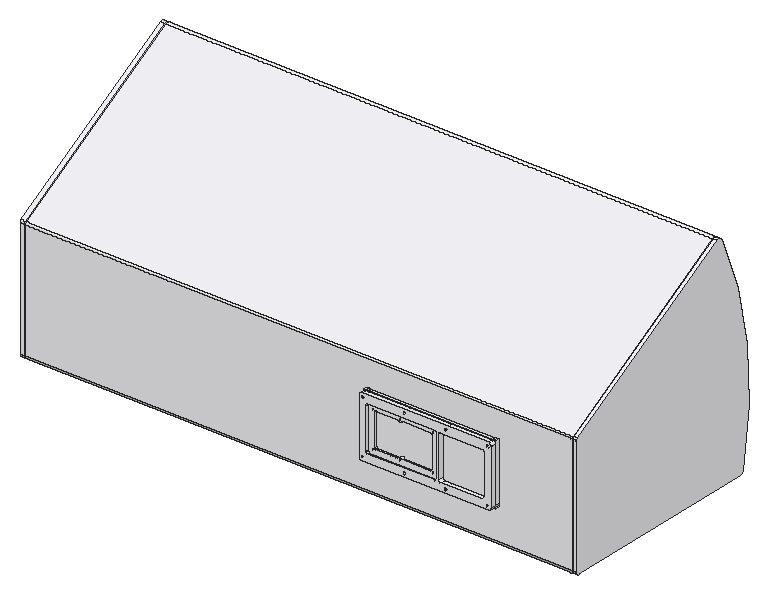
Revit family "EVU-2082", category Communication Devices, Revit 2017
Family settings
  Maintain Annotation Orientation = Yes
  Round Connector Dimension = Use Diameter
  Part Type = Normal
  OmniClass Number = 23.85.10.11.11.21
  OmniClass Title = Speakers
  Work Plane-Based = Yes
  Always vertical = Yes
  Cut with Voids When Loaded = No
  Shared = No
  Room Calculation Point = No
Parameters (values of type "EVU2082/95Wht_Single_8_Inch_Two_Way_White")
  Version = "1"
  Uniclass2015Code = "Pr_60_75_08_02"
  URL = ""
  ProductInformation = "https://www.electrovoice.com/binary/EVU-1082-95.pdf"
  PlanningTools = "http://www.electrovoice.com/product.php?id=1125"
  ModelNumber = "F.01U.216.256"
  Model = ""
  MaterialRALColour = "RAL9010"
  ManufacturerURL = "https://www.electrovoice.com"
  Manufacturer = "Electro Voice"
  LoudspeakerMaterial = 13-plyWeather-resistantBirchEVCoat -RAL9010
  Default Elevation = 0.00 mm
  CTN = "EVU2082/95WHT"
  BackHeight = 134.42 mm  # constant formula
  FrontHeight = 247.23 mm  # constant formula
  InstallationManual = "https://www.electrovoice.com/binary/EVU-1082-95.pdf"
  IfcExportType = "IfcBuildingElementProxyType"
  IfcExportAs = "IfcBuildingElementProxy"
  Length = 615.47 mm  # constant formula
  GrillMaterial = 16GA Powder-coatedGalvanneal - W
  Disclaimer = "http://resource.boschsecurity.com/information/BIM/Disclaimer_Electrovoice.pdf"
  Description = "1.3\" (33mm) diaphgram, 1.4\" (36mm) exit pure titanium compression driver. 8\" (203mm) LF transducer. Advanced third-order crossover network with HF protection. Coverage pattern: 90° x 50° Constant Directivity rotatable waveguide. 92 dB sensitivity, 120 dB maximum SPL. System raiting: 175 W continuous, 700 W peak. Universal U-bracket included."
  Depth = 237.21 mm  # constant formula
  ArchitectsAndEngineersSpecs = "https://www.electrovoice.com/binary/EVU-1082-95.pdf"
Reference planes
  plane 1 "Center (Front/Back)": y = 0
  plane 2: z = 0
  plane 3 "Center (Left/Right)": x = 0
Forms (mm)
  Extrusion 1, solid, material "13-plyWeather-resistantBirchEVCoat -RAL9010" <- "LoudspeakerMaterial"
    sketch origin (-302.735, 0, 1.386) x (0, 1, 0) y (0, 0, 1)
      loop
        line (223.44, -66.22) -> (6.35, -66.22) -> (6.35, 58.38) -> (195.221, 167.425) -> (199.95, 172.274)
        arc (199.95, 172.274) -> (197.41, 174.469) -> (194.075, 174.095) r 4.19
        line (194.075, 174.095) -> (1.27, 62.779)
        arc (1.27, 62.779) -> (0.34, 61.85) -> (0, 60.58) r 2.54
        line (0, 60.58) -> (0, -70.03)
        arc (0, -70.03) -> (0.744, -71.826) -> (2.54, -72.57) r 2.54
        line (2.54, -72.57) -> (225.203, -72.57)
        arc (225.203, -72.57) -> (227.849, -71.629) -> (229.306, -69.229) r 4.19
        line (229.306, -69.229) -> (223.44, -66.22)
    from 0 to 605.47
  Extrusion 2, solid, material "16GA Powder-coatedGalvanneal - W" <- "GrillMaterial"
    sketch origin (-302.735, 0, 1.386) x (0, 1, 0) y (0, 0, 1)
      loop
        line (197.717, 169.984) -> (196.591, 168.858)
        arc (196.591, 168.858) -> (229.978, 53.193) -> (225.15, -67.097) r 376.5
        line (225.15, -67.097) -> (226.536, -67.808)
        arc (226.536, -67.808) -> (231.46, 53.431) -> (197.717, 169.984) r 378
    from 0 to 605.47
  Extrusion 3, solid, material "13-plyWeather-resistantBirchEVCoat -RAL9010" <- "LoudspeakerMaterial"
    sketch origin (-302.735, 0, 1.386) x (0, 1, 0) y (0, 0, -1)
      loop
        arc (0, -60.58) -> (0.34, -61.85) -> (1.27, -62.779) r 2.54
        line (1.27, -62.779) -> (194.075, -174.095)
        arc (194.075, -174.095) -> (197.41, -174.469) -> (199.95, -172.274) r 4.19
        arc (199.95, -172.274) -> (234.422, -53.929) -> (229.306, 69.229) r 381
        arc (229.306, 69.229) -> (227.849, 71.629) -> (225.203, 72.57) r 4.19
        line (225.203, 72.57) -> (2.54, 72.57)
        arc (2.54, 72.57) -> (0.744, 71.826) -> (0, 70.03) r 2.54
        line (0, 70.03) -> (0, -60.58)
    from 0 to 5
  Extrusion 4, solid, material "13-plyWeather-resistantBirchEVCoat -RAL9010" <- "LoudspeakerMaterial"
    sketch origin (302.735, 0, 1.386) x (0, 1, 0) y (0, 0, 1)
      loop
        line (0, 60.58) -> (0, -70.03)
        arc (0, -70.03) -> (0.744, -71.826) -> (2.54, -72.57) r 2.54
        line (2.54, -72.57) -> (225.203, -72.57)
        arc (225.203, -72.57) -> (227.849, -71.629) -> (229.306, -69.229) r 4.19
        arc (229.306, -69.229) -> (234.422, 53.929) -> (199.95, 172.274) r 381
        arc (199.95, 172.274) -> (197.41, 174.469) -> (194.075, 174.095) r 4.19
        line (194.075, 174.095) -> (1.27, 62.779)
        arc (1.27, 62.779) -> (0.34, 61.85) -> (0, 60.58) r 2.54
    from 0 to 5
Lines and regions (mm)
  model lines, not visible
    curve 1: circle (185.72, 35.169, -45.832) r 3 normal (1, 0, 0)
    curve 2: circle (185.72, 35.169, -45.832) r 2.25 normal (1, 0, 0)
    curve 3: line (185.72, 34.284, -43.764) -> (185.72, 34.284, -47.901)
    curve 4: line (185.72, 36.054, -43.764) -> (185.72, 36.054, -47.901)
    curve 5: circle (185.72, 35.169, 10.418) r 3 normal (1, 0, 0)
    curve 6: circle (185.72, 35.169, 10.418) r 2.25 normal (1, 0, 0)
    curve 7: line (185.72, 34.284, 12.486) -> (185.72, 34.284, 8.349)
    curve 8: line (185.72, 36.054, 12.486) -> (185.72, 36.054, 8.349)
    curve 9: circle (185.72, 35.169, 60.418) r 3 normal (1, 0, 0)
    curve 10: circle (185.72, 35.169, 60.418) r 2.25 normal (1, 0, 0)
    curve 11: line (185.72, 34.284, 62.486) -> (185.72, 34.284, 58.349)
    curve 12: line (185.72, 36.054, 62.486) -> (185.72, 36.054, 58.349)
    curve 13: circle (185.72, 169.403, 137.918) r 3 normal (1, 0, 0)
    curve 14: circle (185.72, 169.403, 137.918) r 2.25 normal (1, 0, 0)
    curve 15: line (185.72, 168.518, 139.986) -> (185.72, 168.518, 135.849)
    curve 16: line (185.72, 170.288, 139.986) -> (185.72, 170.288, 135.849)
    curve 17: circle (185.72, 174.403, -47.082) r 3 normal (1, 0, 0)
    curve 18: circle (185.72, 174.403, -47.082) r 2.25 normal (1, 0, 0)
    curve 19: line (185.72, 173.518, -45.014) -> (185.72, 173.518, -49.151)
    curve 20: line (185.72, 175.288, -45.014) -> (185.72, 175.288, -49.151)
    curve 21: circle (185.72, 181.903, 45.418) r 3 normal (1, 0, 0)
    curve 22: circle (185.72, 181.903, 45.418) r 2.25 normal (1, 0, 0)
    curve 23: line (185.72, 181.018, 47.486) -> (185.72, 181.018, 43.349)
    curve 24: line (185.72, 182.788, 47.486) -> (185.72, 182.788, 43.349)
  reference lines
    curve 25: line (308.73, 237.21, 0) -> (308.98, 237.21, 0)
    curve 50: line (-103.185, 196.188, 176.046) -> (-103.185, 195.938, 176.046)
    curve 51: line (-103.185, 0.501, 63.236) -> (-103.185, 0.251, 63.236)
  model lines
    curve 26: circle (-307.735, 35.169, -44.446) r 3 normal (1, 0, 0)
    curve 27: circle (-307.735, 35.169, -44.446) r 2.25 normal (1, 0, 0)
    curve 28: line (-307.735, 34.284, -42.378) -> (-307.735, 34.284, -46.515)
    curve 29: line (-307.735, 36.054, -42.378) -> (-307.735, 36.054, -46.515)
    curve 30: circle (-307.735, 35.169, 11.804) r 3 normal (1, 0, 0)
    curve 31: circle (-307.735, 35.169, 11.804) r 2.25 normal (1, 0, 0)
    curve 32: line (-307.735, 34.284, 13.872) -> (-307.735, 34.284, 9.735)
    curve 33: line (-307.735, 36.054, 13.872) -> (-307.735, 36.054, 9.735)
    curve 34: circle (-307.735, 35.169, 61.804) r 3 normal (1, 0, 0)
    curve 35: circle (-307.735, 35.169, 61.804) r 2.25 normal (1, 0, 0)
    curve 36: line (-307.735, 34.284, 63.872) -> (-307.735, 34.284, 59.735)
    curve 37: line (-307.735, 36.054, 63.872) -> (-307.735, 36.054, 59.735)
    curve 38: circle (-307.735, 169.403, 139.304) r 3 normal (1, 0, 0)
    curve 39: circle (-307.735, 169.403, 139.304) r 2.25 normal (1, 0, 0)
    curve 40: line (-307.735, 168.518, 141.372) -> (-307.735, 168.518, 137.235)
    curve 41: line (-307.735, 170.288, 141.372) -> (-307.735, 170.288, 137.235)
    curve 42: circle (-307.735, 174.403, -45.696) r 3 normal (1, 0, 0)
    curve 43: circle (-307.735, 174.403, -45.696) r 2.25 normal (1, 0, 0)
    curve 44: line (-307.735, 173.518, -43.628) -> (-307.735, 173.518, -47.765)
    curve 45: line (-307.735, 175.288, -43.628) -> (-307.735, 175.288, -47.765)
    curve 46: circle (-307.735, 181.903, 46.804) r 3 normal (1, 0, 0)
    curve 47: circle (-307.735, 181.903, 46.804) r 2.25 normal (1, 0, 0)
    curve 48: line (-307.735, 181.018, 48.872) -> (-307.735, 181.018, 44.735)
    curve 49: line (-307.735, 182.788, 48.872) -> (-307.735, 182.788, 44.735)
    curve 52: circle (307.735, 35.169, -44.446) r 3 normal (1, 0, 0)
    curve 53: circle (307.735, 35.169, -44.446) r 2.25 normal (1, 0, 0)
    curve 54: line (307.735, 34.284, -42.378) -> (307.735, 34.284, -46.515)
    curve 55: line (307.735, 36.054, -42.378) -> (307.735, 36.054, -46.515)
    curve 56: circle (307.735, 35.169, 11.804) r 3 normal (1, 0, 0)
    curve 57: circle (307.735, 35.169, 11.804) r 2.25 normal (1, 0, 0)
    curve 58: line (307.735, 34.284, 13.872) -> (307.735, 34.284, 9.735)
    curve 59: line (307.735, 36.054, 13.872) -> (307.735, 36.054, 9.735)
    curve 60: circle (307.735, 35.169, 61.804) r 3 normal (1, 0, 0)
    curve 61: circle (307.735, 35.169, 61.804) r 2.25 normal (1, 0, 0)
    curve 62: line (307.735, 34.284, 63.872) -> (307.735, 34.284, 59.735)
    curve 63: line (307.735, 36.054, 63.872) -> (307.735, 36.054, 59.735)
    curve 64: circle (307.735, 169.403, 139.304) r 3 normal (1, 0, 0)
    curve 65: circle (307.735, 169.403, 139.304) r 2.25 normal (1, 0, 0)
    curve 66: line (307.735, 168.518, 141.372) -> (307.735, 168.518, 137.235)
    curve 67: line (307.735, 170.288, 141.372) -> (307.735, 170.288, 137.235)
    curve 68: circle (307.735, 174.403, -45.696) r 3 normal (1, 0, 0)
    curve 69: circle (307.735, 174.403, -45.696) r 2.25 normal (1, 0, 0)
    curve 70: line (307.735, 173.518, -43.628) -> (307.735, 173.518, -47.765)
    curve 71: line (307.735, 175.288, -43.628) -> (307.735, 175.288, -47.765)
    curve 72: circle (307.735, 181.903, 46.804) r 3 normal (1, 0, 0)
    curve 73: circle (307.735, 181.903, 46.804) r 2.25 normal (1, 0, 0)
    curve 74: line (307.735, 181.018, 48.872) -> (307.735, 181.018, 44.735)
    curve 75: line (307.735, 182.788, 48.872) -> (307.735, 182.788, 44.735)
Dimensions and locks
  "BackHeight": Extrusion 1 to curve 51
  "FrontHeight": Extrusion 1 to curve 50
  "Depth": plane 1 "Center (Front/Back)" to curve 25
  "Length": Extrusion 3 to Extrusion 4
  equal spacing: Extrusion 3, plane 3 "Center (Left/Right)", Extrusion 4
  aligned and locked: plane 2 to level
Automatic sketch dimensions
  plane 3 "Center (Left/Right)" to curve 25 = 308.73 mm
  curve 25 to curve 25 = 0.25 mm
  Extrusion 1 sketch curve to plane 1 "Center (Front/Back)" = 0.00 mm
  Extrusion 1 sketch curve to plane 1 "Center (Front/Back)" = 1.27 mm
  Extrusion 1 sketch curve to plane 1 "Center (Front/Back)" = 2.54 mm
  Extrusion 1 sketch curve to Extrusion 1 sketch curve = 2.54 mm
  Extrusion 1 sketch curve to Extrusion 1 sketch curve = 3.81 mm  (x2)
  Extrusion 1 sketch curve to plane 1 "Center (Front/Back)" = 194.075 mm
  Extrusion 1 sketch curve to Extrusion 1 sketch curve = 1.147 mm
  Extrusion 1 sketch curve to Extrusion 1 sketch curve = 0.948 mm
  Extrusion 1 sketch curve to Extrusion 1 sketch curve = 3.78 mm
  Extrusion 1 sketch curve to level = 64.834 mm
  Extrusion 1 sketch curve to Extrusion 1 sketch curve = 217.09 mm
  Extrusion 1 sketch curve to Extrusion 1 sketch curve = 1.763 mm
  Extrusion 1 sketch curve to level = 67.843 mm
  Extrusion 1 sketch curve to Extrusion 1 sketch curve = 4.103 mm
  level to Extrusion 1 sketch curve = 59.766 mm
  Extrusion 1 sketch curve to Extrusion 1 sketch curve = 2.20 mm
  level to Extrusion 1 sketch curve = 168.811 mm
  Extrusion 1 sketch curve to Extrusion 1 sketch curve = 3.042 mm
  Extrusion 1 sketch curve to Extrusion 1 sketch curve = 1.807 mm
  Extrusion 2 sketch curve to Extrusion 2 sketch curve = 0.00 mm  (x2)
  level to Extrusion 2 sketch curve = 9.34 mm
  plane 1 "Center (Front/Back)" to Extrusion 2 sketch curve = 143.794 mm
  Extrusion 2 sketch curve to plane 1 "Center (Front/Back)" = 196.591 mm
  Extrusion 2 sketch curve to Extrusion 2 sketch curve = 1.126 mm
  Extrusion 2 sketch curve to level = 65.711 mm
  Extrusion 2 sketch curve to plane 1 "Center (Front/Back)" = 225.15 mm
  Extrusion 2 sketch curve to level = 66.422 mm
  Extrusion 2 sketch curve to Extrusion 2 sketch curve = 1.386 mm
  Extrusion 3 sketch curve to plane 1 "Center (Front/Back)" = 0.00 mm
  level to Extrusion 3 sketch curve = 9.34 mm
  plane 1 "Center (Front/Back)" to Extrusion 3 sketch curve = 143.794 mm
  Extrusion 3 sketch curve to plane 1 "Center (Front/Back)" = 1.27 mm
  Extrusion 3 sketch curve to Extrusion 3 sketch curve = 2.54 mm  (x2)
  Extrusion 3 sketch curve to plane 1 "Center (Front/Back)" = 194.075 mm
  Extrusion 3 sketch curve to Extrusion 3 sketch curve = 2.095 mm
  Extrusion 3 sketch curve to level = 71.184 mm
  Extrusion 3 sketch curve to Extrusion 3 sketch curve = 222.663 mm
  level to Extrusion 3 sketch curve = 61.966 mm
  level to Extrusion 3 sketch curve = 171.853 mm
  Extrusion 3 sketch curve to Extrusion 3 sketch curve = 3.629 mm
  Extrusion 3 sketch curve to Extrusion 3 sketch curve = 4.19 mm
  Extrusion 3 sketch curve to Extrusion 3 sketch curve = 0.00 mm
  Extrusion 4 sketch curve to plane 1 "Center (Front/Back)" = 0.00 mm
  level to Extrusion 4 sketch curve = 9.34 mm
  plane 1 "Center (Front/Back)" to Extrusion 4 sketch curve = 143.794 mm
  Extrusion 4 sketch curve to plane 1 "Center (Front/Back)" = 1.27 mm
  Extrusion 4 sketch curve to Extrusion 4 sketch curve = 2.54 mm  (x2)
  Extrusion 4 sketch curve to plane 1 "Center (Front/Back)" = 194.075 mm
  Extrusion 4 sketch curve to Extrusion 4 sketch curve = 2.095 mm
  Extrusion 4 sketch curve to level = 71.184 mm
  Extrusion 4 sketch curve to Extrusion 4 sketch curve = 222.663 mm
  Extrusion 4 sketch curve to Extrusion 4 sketch curve = 4.19 mm
  level to Extrusion 4 sketch curve = 61.966 mm
  level to Extrusion 4 sketch curve = 171.853 mm
  Extrusion 4 sketch curve to Extrusion 4 sketch curve = 3.629 mm
  Extrusion 4 sketch curve to Extrusion 4 sketch curve = 0.00 mm
  curve 51 to plane 1 "Center (Front/Back)" = 0.251 mm
  curve 51 to plane 1 "Center (Front/Back)" = 0.501 mm
  level to curve 51 = 63.236 mm
  curve 50 to plane 1 "Center (Front/Back)" = 195.938 mm
  curve 50 to curve 50 = 0.25 mm
  level to curve 50 = 176.046 mm
Nested families
  nested 1: "InputPanel_small" at (148.235, 0, -33.614), LoudspeakerMaterial <- "LoudspeakerMaterial", type "InputPanel_small"
    with LoudspeakerMaterial 13-plyWeather-resistantBirchEVCoat -RAL9010
  nested 2: "EV-L.dwg" at (234.615, 234.227, 28.324), type "EV-L.dwg"
Connectors
  electrical at (121.019, -5, -0.023)
    settings: on nested 1, index 1, voltage 0 V, apparent load 0 VA, apparent load phase1 0 VA, apparent load phase2 0 VA, apparent load phase3 0 VA, power factor 1, load classification "Other", number of poles 1, system type 31, power factor state 1, is connector primary yes, connector utility no, sub classification motor no, connector description ""
Definition of nested family "InputPanel_small"
  Parameters (values of type "InputPanel_small")
    Material = ""
    LoudspeakerMaterial [instance] = none
    Default Elevation = 1219.20 mm
  Reference planes
    plane 1 "Center (Front/Back)": y = 0
    plane 2: z = 0
    plane 3 "Center (Left/Right)": x = 0
  Forms (mm)
    Extrusion 1, solid, material <- "LoudspeakerMaterial", not visible
      sketch origin (-97.521, -0.5, 198.121) x (-1, 0, 0) y (0, 0, -1)
        loop
          arc (-169.642, 198.043) -> (-170.257, 197.789) -> (-170.511, 197.174) r 0.869
          line (-170.511, 197.174) -> (-170.511, 131.84)
          arc (-170.511, 131.84) -> (-170.257, 131.226) -> (-169.642, 130.971) r 0.869
          line (-169.642, 130.971) -> (-25.396, 130.971)
          arc (-25.396, 130.971) -> (-24.782, 131.226) -> (-24.527, 131.84) r 0.869
          line (-24.527, 131.84) -> (-24.527, 197.174)
          arc (-24.527, 197.174) -> (-24.782, 197.789) -> (-25.396, 198.043) r 0.869
          line (-25.396, 198.043) -> (-169.642, 198.043)
      from 0 to -0.5
    Extrusion 2, solid, material <- "LoudspeakerMaterial", detail levels medium+fine
      sketch origin (1.214, 0, 125.108) x (-1, 0, 0) y (0, 0, -1)
        loop
          line (70.917, 125.031) -> (-68.488, 125.031)
          arc (-68.488, 125.031) -> (-70.813, 124.068) -> (-71.776, 121.743) r 3.288
          line (-71.776, 121.743) -> (-71.776, 61.229)
          arc (-71.776, 61.229) -> (-70.921, 59.026) -> (-68.815, 57.959) r 3.288
          line (-68.815, 57.959) -> (70.925, 57.959)
          arc (70.925, 57.959) -> (73.25, 58.922) -> (74.212, 61.247) r 3.288
          line (74.212, 61.247) -> (74.205, 121.743)
          arc (74.205, 121.743) -> (73.242, 124.068) -> (70.917, 125.031) r 3.288
        loop
          line (-16.102, 116.673) -> (-61.46, 116.673)
          arc (-61.46, 116.673) -> (-63.304, 115.909) -> (-64.067, 114.066) r 2.607
          line (-64.067, 114.066) -> (-64.067, 69.267)
          arc (-64.067, 69.267) -> (-63.304, 67.424) -> (-61.46, 66.66) r 2.607
          line (-61.46, 66.66) -> (-16.102, 66.658)
          arc (-16.102, 66.658) -> (-14.259, 67.424) -> (-13.495, 69.267) r 2.607
          line (-13.495, 69.267) -> (-13.495, 114.066)
          arc (-13.495, 114.066) -> (-14.259, 115.909) -> (-16.102, 116.673) r 2.607
        loop
          line (64.151, 116.673) -> (-8.801, 116.673)
          arc (-8.801, 116.673) -> (-10.645, 115.909) -> (-11.408, 114.066) r 2.607
          line (-11.408, 114.066) -> (-11.408, 69.267)
          arc (-11.408, 69.267) -> (-10.645, 67.424) -> (-8.801, 66.66) r 2.607
          line (-8.801, 66.66) -> (64.151, 66.658)
          arc (64.151, 66.658) -> (65.994, 67.424) -> (66.758, 69.267) r 2.607
          line (66.758, 69.267) -> (66.758, 114.066)
          arc (66.758, 114.066) -> (65.994, 115.909) -> (64.151, 116.673) r 2.607
        loop
          circle (-67.83, 121.068) r 1.368
        loop
          circle (-21.853, 121.068) r 1.368
        loop
          circle (24.255, 121.068) r 1.368
        loop
          circle (69.993, 121.068) r 1.368
        loop
          circle (-67.961, 61.771) r 1.368
        loop
          circle (-21.984, 61.771) r 1.368
        loop
          circle (24.124, 61.771) r 1.368
        loop
          circle (69.862, 61.771) r 1.368
      from 0 to 10
    Extrusion 3, solid, material <- "LoudspeakerMaterial", detail levels fine
      sketch origin (25.655, 0, 118.331) x (-1, 0, 0) y (0, 0, -1)
        loop
          arc (15.45, 109.952) -> (13.605, 109.187) -> (12.84, 107.342) r 2.61
          line (12.84, 107.342) -> (12.84, 62.493)
          arc (12.84, 62.493) -> (13.606, 60.646) -> (15.45, 59.881) r 2.61
          line (15.45, 59.881) -> (88.485, 59.883)
          arc (88.485, 59.883) -> (90.33, 60.647) -> (91.094, 62.493) r 2.61
          line (91.094, 62.493) -> (91.094, 107.342)
          arc (91.094, 107.342) -> (90.33, 109.187) -> (88.485, 109.952) r 2.61
          line (88.485, 109.952) -> (15.45, 109.952)
        loop
          line (53.049, 104.094) -> (20.673, 104.09)
          arc (20.673, 104.09) -> (20.25, 103.216) -> (19.475, 102.633) r 2.061
          line (19.475, 102.633) -> (19.479, 66.839)
          arc (19.479, 66.839) -> (20.255, 66.255) -> (20.677, 65.382) r 2.061
          line (20.677, 65.382) -> (53.053, 65.386)
          arc (53.053, 65.386) -> (55.067, 67.012) -> (57.082, 65.386) r 2.061
          line (57.082, 65.386) -> (82.875, 65.389)
          arc (82.875, 65.389) -> (83.297, 66.263) -> (84.073, 66.847) r 2.061
          line (84.073, 66.847) -> (84.068, 102.641)
          arc (84.068, 102.641) -> (83.293, 103.224) -> (82.87, 104.098) r 2.061
          line (82.87, 104.098) -> (57.077, 104.095)
          arc (57.077, 104.095) -> (55.063, 102.469) -> (53.049, 104.094) r 2.061
        loop
          circle (55.063, 104.529) r 0.832
        loop
          circle (55.063, 64.893) r 0.832
        loop
          circle (84.767, 104.529) r 0.832
        loop
          circle (84.767, 64.893) r 0.832
        loop
          circle (18.835, 104.529) r 0.832
        loop
          circle (18.835, 64.893) r 0.832
      from 7.5 to 5
    Extrusion 4, solid, material <- "LoudspeakerMaterial"
      sketch origin (1.214, 0, 125.108) x (-1, 0, 0) y (0, 0, -1)
        loop
          line (-71.776, 125.031) -> (-71.776, 57.959) -> (74.213, 57.959) -> (74.205, 125.031) -> (-71.776, 125.031)
      from 0 to 4.337
  Lines and regions (mm)
    model lines, not visible
      curve 1: arc (59.415, -9.5, 70.232) -> (59.756, -9.5, 68.636) -> (60.858, -9.5, 67.432) r 3.109
      curve 2: arc (59.414, -9.5, 82.845) -> (59.754, -9.5, 81.249) -> (60.857, -9.5, 80.045) r 3.109
      curve 3: arc (59.417, -9.5, 63.926) -> (59.752, -9.5, 62.34) -> (60.84, -9.5, 61.139) r 3.108
      curve 4: arc (59.415, -9.5, 76.539) -> (59.75, -9.5, 74.953) -> (60.838, -9.5, 73.752) r 3.108
      curve 5: arc (60.711, -9.5, 72.945) -> (59.72, -9.5, 71.753) -> (59.414, -9.5, 70.232) r 3.166
      curve 6: arc (60.71, -9.5, 85.557) -> (59.718, -9.5, 84.365) -> (59.412, -9.5, 82.845) r 3.166
      curve 7: arc (60.712, -9.5, 66.637) -> (59.721, -9.5, 65.445) -> (59.415, -9.5, 63.926) r 3.165
      curve 8: arc (60.71, -9.5, 79.25) -> (59.72, -9.5, 78.058) -> (59.414, -9.5, 76.539) r 3.165
      curve 9: arc (59.062, -9.5, 76.539) -> (58.721, -9.5, 78.135) -> (57.618, -9.5, 79.339) r 3.109
      curve 10: arc (59.063, -9.5, 63.926) -> (58.723, -9.5, 65.522) -> (57.62, -9.5, 66.726) r 3.109
      curve 11: arc (59.06, -9.5, 82.845) -> (58.725, -9.5, 84.431) -> (57.637, -9.5, 85.632) r 3.108
      curve 12: arc (59.062, -9.5, 70.232) -> (58.726, -9.5, 71.818) -> (57.638, -9.5, 73.019) r 3.108
      curve 13: arc (57.765, -9.5, 73.826) -> (58.757, -9.5, 75.018) -> (59.063, -9.5, 76.539) r 3.166
      curve 14: arc (57.767, -9.5, 61.214) -> (58.758, -9.5, 62.406) -> (59.065, -9.5, 63.926) r 3.166
      curve 15: arc (57.765, -9.5, 80.134) -> (58.756, -9.5, 81.326) -> (59.062, -9.5, 82.845) r 3.165
      curve 16: arc (57.767, -9.5, 67.521) -> (58.757, -9.5, 68.713) -> (59.063, -9.5, 70.232) r 3.165
      curve 17: arc (62.678, -9.5, 67.687) -> (63.752, -9.5, 68.757) -> (64.103, -9.5, 70.233) r 2.775
      curve 18: arc (63.369, -9.5, 67.367) -> (64.444, -9.5, 68.62) -> (64.794, -9.5, 70.233) r 3.371
      curve 19: arc (62.678, -9.5, 67.687) -> (62.999, -9.5, 67.474) -> (63.369, -9.5, 67.367) r 1.273
      curve 20: arc (62.676, -9.5, 80.299) -> (63.75, -9.5, 81.37) -> (64.101, -9.5, 82.846) r 2.775
      curve 21: arc (63.368, -9.5, 79.98) -> (64.442, -9.5, 81.233) -> (64.793, -9.5, 82.846) r 3.371
      curve 22: arc (62.676, -9.5, 80.299) -> (62.998, -9.5, 80.087) -> (63.368, -9.5, 79.98) r 1.273
      curve 23: arc (62.679, -9.5, 61.381) -> (63.752, -9.5, 62.452) -> (64.103, -9.5, 63.927) r 2.774
      curve 24: arc (63.37, -9.5, 61.062) -> (64.444, -9.5, 62.315) -> (64.794, -9.5, 63.927) r 3.37
      curve 25: arc (62.679, -9.5, 61.381) -> (63, -9.5, 61.169) -> (63.37, -9.5, 61.062) r 1.273
      curve 26: arc (62.677, -9.5, 73.994) -> (63.751, -9.5, 75.064) -> (64.101, -9.5, 76.539) r 2.774
      curve 27: arc (63.369, -9.5, 73.675) -> (64.442, -9.5, 74.927) -> (64.793, -9.5, 76.539) r 3.37
      curve 28: arc (62.677, -9.5, 73.994) -> (62.998, -9.5, 73.781) -> (63.369, -9.5, 73.675) r 1.273
      curve 29: arc (64.103, -9.5, 70.233) -> (63.752, -9.5, 71.708) -> (62.677, -9.5, 72.779) r 2.775
      curve 30: arc (63.369, -9.5, 73.098) -> (62.999, -9.5, 72.992) -> (62.677, -9.5, 72.779) r 1.273
      curve 31: arc (64.794, -9.5, 70.233) -> (64.443, -9.5, 71.846) -> (63.369, -9.5, 73.098) r 3.371
      curve 32: arc (64.101, -9.5, 82.846) -> (63.75, -9.5, 84.321) -> (62.676, -9.5, 85.392) r 2.775
      curve 33: arc (63.367, -9.5, 85.711) -> (62.997, -9.5, 85.604) -> (62.676, -9.5, 85.392) r 1.273
      curve 34: arc (64.793, -9.5, 82.846) -> (64.442, -9.5, 84.458) -> (63.367, -9.5, 85.711) r 3.371
      curve 35: arc (64.103, -9.5, 63.927) -> (63.752, -9.5, 65.401) -> (62.678, -9.5, 66.472) r 2.774
      curve 36: arc (63.37, -9.5, 66.791) -> (62.999, -9.5, 66.684) -> (62.678, -9.5, 66.472) r 1.273
      curve 37: arc (64.794, -9.5, 63.927) -> (64.444, -9.5, 65.539) -> (63.37, -9.5, 66.791) r 3.37
      curve 38: arc (64.101, -9.5, 76.539) -> (63.75, -9.5, 78.014) -> (62.676, -9.5, 79.084) r 2.774
      curve 39: arc (63.368, -9.5, 79.404) -> (62.998, -9.5, 79.297) -> (62.676, -9.5, 79.084) r 1.273
      curve 40: arc (64.793, -9.5, 76.539) -> (64.442, -9.5, 78.151) -> (63.368, -9.5, 79.404) r 3.37
      curve 41: arc (59.627, -9.5, 63.926) -> (59.978, -9.5, 62.451) -> (61.052, -9.5, 61.381) r 2.774
      curve 42: arc (61.051, -9.5, 66.471) -> (59.977, -9.5, 65.401) -> (59.627, -9.5, 63.926) r 2.774
      curve 43: arc (59.625, -9.5, 70.232) -> (59.976, -9.5, 68.757) -> (61.051, -9.5, 67.686) r 2.775
      curve 44: arc (61.05, -9.5, 72.779) -> (59.976, -9.5, 71.708) -> (59.625, -9.5, 70.232) r 2.775
      curve 45: arc (59.625, -9.5, 76.539) -> (59.976, -9.5, 75.064) -> (61.05, -9.5, 73.994) r 2.774
      curve 46: arc (61.049, -9.5, 79.084) -> (59.976, -9.5, 78.014) -> (59.625, -9.5, 76.539) r 2.774
      curve 47: arc (59.624, -9.5, 82.845) -> (59.975, -9.5, 81.37) -> (61.049, -9.5, 80.299) r 2.775
      curve 48: arc (61.049, -9.5, 85.391) -> (59.975, -9.5, 84.321) -> (59.624, -9.5, 82.845) r 2.775
      curve 49: arc (65.487, -9.5, 67.368) -> (66.537, -9.5, 68.57) -> (66.91, -9.5, 70.123) r 3.348
      curve 50: arc (65.485, -9.5, 79.98) -> (66.535, -9.5, 81.183) -> (66.909, -9.5, 82.735) r 3.348
      curve 51: arc (66.91, -9.5, 70.344) -> (66.536, -9.5, 71.896) -> (65.486, -9.5, 73.099) r 3.348
      curve 52: arc (66.909, -9.5, 82.956) -> (66.535, -9.5, 84.509) -> (65.485, -9.5, 85.711) r 3.348
      curve 53: arc (65.488, -9.5, 61.062) -> (66.543, -9.5, 62.278) -> (66.911, -9.5, 63.846) r 3.353
      curve 54: arc (65.486, -9.5, 73.675) -> (66.542, -9.5, 74.891) -> (66.909, -9.5, 76.458) r 3.353
      curve 55: arc (66.911, -9.5, 64.008) -> (66.543, -9.5, 65.576) -> (65.487, -9.5, 66.791) r 3.353
      curve 56: arc (66.909, -9.5, 76.621) -> (66.542, -9.5, 78.189) -> (65.485, -9.5, 79.404) r 3.353
      curve 57: arc (61.368, -9.5, 70.233) -> (61.701, -9.5, 68.86) -> (62.728, -9.5, 67.892) r 2.482
      curve 58: arc (61.369, -9.5, 63.926) -> (61.702, -9.5, 62.554) -> (62.729, -9.5, 61.585) r 2.482
      curve 59: arc (61.777, -9.5, 65.419) -> (61.47, -9.5, 64.701) -> (61.369, -9.5, 63.926) r 2.857
      curve 60: arc (62.453, -9.5, 65.577) -> (62.398, -9.5, 65.499) -> (62.347, -9.5, 65.419) r 2.446
      curve 61: arc (61.777, -9.5, 71.725) -> (61.469, -9.5, 71.007) -> (61.368, -9.5, 70.233) r 2.857
      curve 62: arc (62.452, -9.5, 71.883) -> (62.398, -9.5, 71.805) -> (62.346, -9.5, 71.725) r 2.446
      curve 63: arc (61.367, -9.5, 76.539) -> (61.7, -9.5, 75.167) -> (62.727, -9.5, 74.198) r 2.482
      curve 64: arc (61.367, -9.5, 82.845) -> (61.699, -9.5, 81.473) -> (62.727, -9.5, 80.504) r 2.482
      curve 65: arc (61.776, -9.5, 78.031) -> (61.469, -9.5, 77.313) -> (61.367, -9.5, 76.539) r 2.857
      curve 66: arc (62.452, -9.5, 78.19) -> (62.397, -9.5, 78.112) -> (62.345, -9.5, 78.032) r 2.446
      curve 67: arc (61.775, -9.5, 84.338) -> (61.468, -9.5, 83.62) -> (61.367, -9.5, 82.845) r 2.857
      curve 68: arc (62.451, -9.5, 84.496) -> (62.396, -9.5, 84.418) -> (62.345, -9.5, 84.338) r 2.446
      curve 69: arc (55.799, -9.5, 79.084) -> (54.725, -9.5, 78.014) -> (54.374, -9.5, 76.538) r 2.775
      curve 70: arc (55.107, -9.5, 79.404) -> (54.033, -9.5, 78.151) -> (53.682, -9.5, 76.538) r 3.371
      curve 71: arc (55.799, -9.5, 79.084) -> (55.478, -9.5, 79.297) -> (55.107, -9.5, 79.404) r 1.273
      curve 72: arc (55.8, -9.5, 66.472) -> (54.726, -9.5, 65.401) -> (54.376, -9.5, 63.925) r 2.775
      curve 73: arc (55.109, -9.5, 66.791) -> (54.035, -9.5, 65.538) -> (53.684, -9.5, 63.925) r 3.371
      curve 74: arc (55.8, -9.5, 66.472) -> (55.479, -9.5, 66.684) -> (55.109, -9.5, 66.791) r 1.273
      curve 75: arc (55.798, -9.5, 85.39) -> (54.725, -9.5, 84.319) -> (54.374, -9.5, 82.844) r 2.774
      curve 76: arc (55.107, -9.5, 85.709) -> (54.033, -9.5, 84.456) -> (53.682, -9.5, 82.844) r 3.37
      curve 77: arc (55.798, -9.5, 85.39) -> (55.477, -9.5, 85.602) -> (55.107, -9.5, 85.709) r 1.273
      curve 78: arc (55.8, -9.5, 72.777) -> (54.726, -9.5, 71.707) -> (54.376, -9.5, 70.232) r 2.774
      curve 79: arc (55.108, -9.5, 73.096) -> (54.034, -9.5, 71.844) -> (53.684, -9.5, 70.232) r 3.37
      curve 80: arc (55.8, -9.5, 72.777) -> (55.478, -9.5, 72.99) -> (55.108, -9.5, 73.096) r 1.273
      curve 81: arc (54.374, -9.5, 76.538) -> (54.725, -9.5, 75.063) -> (55.8, -9.5, 73.992) r 2.775
      curve 82: arc (55.108, -9.5, 73.673) -> (55.478, -9.5, 73.779) -> (55.8, -9.5, 73.992) r 1.273
      curve 83: arc (53.682, -9.5, 76.538) -> (54.033, -9.5, 74.925) -> (55.108, -9.5, 73.673) r 3.371
      curve 84: arc (54.376, -9.5, 63.925) -> (54.727, -9.5, 62.45) -> (55.801, -9.5, 61.379) r 2.775
      curve 85: arc (55.11, -9.5, 61.06) -> (55.48, -9.5, 61.167) -> (55.801, -9.5, 61.379) r 1.273
      curve 86: arc (53.684, -9.5, 63.925) -> (54.035, -9.5, 62.313) -> (55.11, -9.5, 61.06) r 3.371
      curve 87: arc (54.374, -9.5, 82.844) -> (54.725, -9.5, 81.369) -> (55.799, -9.5, 80.299) r 2.774
      curve 88: arc (55.107, -9.5, 79.98) -> (55.477, -9.5, 80.087) -> (55.799, -9.5, 80.299) r 1.273
      curve 89: arc (53.682, -9.5, 82.844) -> (54.033, -9.5, 81.232) -> (55.107, -9.5, 79.98) r 3.37
      curve 90: arc (54.376, -9.5, 70.232) -> (54.726, -9.5, 68.757) -> (55.8, -9.5, 67.687) r 2.774
      curve 91: arc (55.109, -9.5, 67.367) -> (55.479, -9.5, 67.474) -> (55.8, -9.5, 67.687) r 1.273
      curve 92: arc (53.684, -9.5, 70.232) -> (54.035, -9.5, 68.62) -> (55.109, -9.5, 67.367) r 3.37
      curve 93: arc (58.85, -9.5, 82.845) -> (58.499, -9.5, 84.32) -> (57.425, -9.5, 85.39) r 2.774
      curve 94: arc (57.426, -9.5, 80.3) -> (58.499, -9.5, 81.37) -> (58.85, -9.5, 82.845) r 2.774
      curve 95: arc (58.851, -9.5, 76.539) -> (58.5, -9.5, 78.014) -> (57.426, -9.5, 79.085) r 2.775
      curve 96: arc (57.427, -9.5, 73.992) -> (58.501, -9.5, 75.063) -> (58.851, -9.5, 76.539) r 2.775
      curve 97: arc (58.852, -9.5, 70.232) -> (58.501, -9.5, 71.707) -> (57.427, -9.5, 72.777) r 2.774
      curve 98: arc (57.427, -9.5, 67.687) -> (58.501, -9.5, 68.757) -> (58.852, -9.5, 70.232) r 2.774
      curve 99: arc (58.853, -9.5, 63.926) -> (58.502, -9.5, 65.401) -> (57.428, -9.5, 66.472) r 2.775
      curve 100: arc (57.428, -9.5, 61.38) -> (58.502, -9.5, 62.45) -> (58.853, -9.5, 63.926) r 2.775
      curve 101: arc (52.99, -9.5, 79.403) -> (51.94, -9.5, 78.2) -> (51.567, -9.5, 76.648) r 3.348
      curve 102: arc (52.991, -9.5, 66.791) -> (51.942, -9.5, 65.588) -> (51.568, -9.5, 64.036) r 3.348
      curve 103: arc (51.567, -9.5, 76.427) -> (51.94, -9.5, 74.875) -> (52.991, -9.5, 73.672) r 3.348
      curve 104: arc (51.568, -9.5, 63.815) -> (51.942, -9.5, 62.262) -> (52.992, -9.5, 61.06) r 3.348
      curve 105: arc (52.989, -9.5, 85.709) -> (51.933, -9.5, 84.493) -> (51.566, -9.5, 82.925) r 3.353
      curve 106: arc (52.991, -9.5, 73.096) -> (51.935, -9.5, 71.88) -> (51.567, -9.5, 70.313) r 3.353
      curve 107: arc (51.566, -9.5, 82.763) -> (51.934, -9.5, 81.195) -> (52.99, -9.5, 79.98) r 3.353
      curve 108: arc (51.567, -9.5, 70.15) -> (51.935, -9.5, 68.582) -> (52.991, -9.5, 67.367) r 3.353
      curve 109: arc (57.108, -9.5, 82.845) -> (56.775, -9.5, 84.217) -> (55.748, -9.5, 85.186) r 2.482
      curve 110: arc (57.109, -9.5, 76.538) -> (56.776, -9.5, 77.911) -> (55.749, -9.5, 78.879) r 2.482
      curve 111: arc (56.7, -9.5, 75.046) -> (57.007, -9.5, 75.764) -> (57.109, -9.5, 76.538) r 2.857
      curve 112: arc (56.024, -9.5, 74.888) -> (56.079, -9.5, 74.966) -> (56.131, -9.5, 75.046) r 2.446
      curve 113: arc (56.699, -9.5, 81.352) -> (57.007, -9.5, 82.07) -> (57.108, -9.5, 82.845) r 2.857
      curve 114: arc (56.024, -9.5, 81.194) -> (56.078, -9.5, 81.272) -> (56.13, -9.5, 81.352) r 2.446
      curve 115: arc (57.109, -9.5, 70.232) -> (56.777, -9.5, 71.604) -> (55.749, -9.5, 72.573) r 2.482
      curve 116: arc (57.11, -9.5, 63.926) -> (56.777, -9.5, 65.298) -> (55.75, -9.5, 66.267) r 2.482
      curve 117: arc (56.702, -9.5, 62.433) -> (57.009, -9.5, 63.151) -> (57.11, -9.5, 63.926) r 2.857
      curve 118: arc (56.026, -9.5, 62.275) -> (56.081, -9.5, 62.353) -> (56.132, -9.5, 62.433) r 2.446
      curve 119: arc (56.701, -9.5, 68.739) -> (57.008, -9.5, 69.458) -> (57.109, -9.5, 70.232) r 2.857
      curve 120: arc (56.025, -9.5, 68.581) -> (56.08, -9.5, 68.659) -> (56.131, -9.5, 68.739) r 2.446
      curve 121: spline (77.962, -9.5, 59.963) -> (78.093, -9.5, 59.972) -> (78.223, -9.5, 59.998) -> (78.348, -9.5, 60.04) -> (78.466, -9.5, 60.099) -> (78.576, -9.5, 60.172) -> (78.675, -9.5, 60.259) -> (78.762, -9.5, 60.358) -> (78.835, -9.5, 60.468) -> (78.894, -9.5, 60.586) -> (78.936, -9.5, 60.711) -> (78.962, -9.5, 60.841) -> (78.97, -9.5, 60.972)
      curve 122: spline (78.967, -9.5, 85.803) -> (78.959, -9.5, 85.935) -> (78.933, -9.5, 86.065) -> (78.891, -9.5, 86.19) -> (78.832, -9.5, 86.308) -> (78.759, -9.5, 86.418) -> (78.672, -9.5, 86.517) -> (78.573, -9.5, 86.604) -> (78.463, -9.5, 86.677) -> (78.344, -9.5, 86.735) -> (78.22, -9.5, 86.778) -> (78.09, -9.5, 86.804) -> (77.958, -9.5, 86.812)
      curve 123: spline (40.515, -9.5, 86.808) -> (40.383, -9.5, 86.799) -> (40.254, -9.5, 86.773) -> (40.129, -9.5, 86.731) -> (40.01, -9.5, 86.672) -> (39.901, -9.5, 86.599) -> (39.801, -9.5, 86.512) -> (39.714, -9.5, 86.413) -> (39.641, -9.5, 86.303) -> (39.583, -9.5, 86.185) -> (39.54, -9.5, 86.06) -> (39.515, -9.5, 85.93) -> (39.506, -9.5, 85.799)
      curve 124: spline (39.509, -9.5, 60.97) -> (39.517, -9.5, 60.838) -> (39.543, -9.5, 60.708) -> (39.585, -9.5, 60.583) -> (39.643, -9.5, 60.464) -> (39.717, -9.5, 60.354) -> (39.804, -9.5, 60.255) -> (39.903, -9.5, 60.168) -> (40.013, -9.5, 60.094) -> (40.131, -9.5, 60.036) -> (40.256, -9.5, 59.993) -> (40.386, -9.5, 59.967) -> (40.518, -9.5, 59.959)
      curve 125: spline (40.57, -9.5, 86.753) -> (40.438, -9.5, 86.744) -> (40.309, -9.5, 86.718) -> (40.184, -9.5, 86.676) -> (40.065, -9.5, 86.617) -> (39.956, -9.5, 86.544) -> (39.856, -9.5, 86.457) -> (39.769, -9.5, 86.358) -> (39.696, -9.5, 86.248) -> (39.638, -9.5, 86.13) -> (39.595, -9.5, 86.005) -> (39.57, -9.5, 85.875) -> (39.561, -9.5, 85.744)
      curve 126: spline (39.564, -9.5, 61.023) -> (39.573, -9.5, 60.891) -> (39.598, -9.5, 60.761) -> (39.641, -9.5, 60.636) -> (39.699, -9.5, 60.518) -> (39.773, -9.5, 60.408) -> (39.86, -9.5, 60.309) -> (39.959, -9.5, 60.222) -> (40.069, -9.5, 60.149) -> (40.187, -9.5, 60.091) -> (40.312, -9.5, 60.048) -> (40.441, -9.5, 60.022) -> (40.573, -9.5, 60.014)
      curve 127: spline (78.912, -9.5, 85.748) -> (78.904, -9.5, 85.88) -> (78.878, -9.5, 86.01) -> (78.835, -9.5, 86.134) -> (78.777, -9.5, 86.253) -> (78.704, -9.5, 86.363) -> (78.617, -9.5, 86.462) -> (78.518, -9.5, 86.549) -> (78.408, -9.5, 86.622) -> (78.289, -9.5, 86.68) -> (78.164, -9.5, 86.723) -> (78.035, -9.5, 86.749) -> (77.903, -9.5, 86.757)
      curve 128: spline (77.907, -9.5, 60.018) -> (78.038, -9.5, 60.027) -> (78.168, -9.5, 60.053) -> (78.293, -9.5, 60.095) -> (78.411, -9.5, 60.154) -> (78.521, -9.5, 60.227) -> (78.62, -9.5, 60.314) -> (78.707, -9.5, 60.413) -> (78.78, -9.5, 60.523) -> (78.839, -9.5, 60.641) -> (78.881, -9.5, 60.766) -> (78.907, -9.5, 60.896) -> (78.915, -9.5, 61.027)
      curve 129: line (63.979, -9.5, 70.233) -> (63.818, -9.5, 71.221)
      curve 130: line (63.818, -9.5, 71.221) -> (63.359, -9.5, 72.059)
      curve 131: line (63.359, -9.5, 72.059) -> (62.673, -9.5, 72.618)
      curve 132: line (62.673, -9.5, 72.618) -> (61.864, -9.5, 72.815)
      curve 133: line (61.864, -9.5, 72.815) -> (61.054, -9.5, 72.618)
      curve 134: line (61.054, -9.5, 72.618) -> (60.368, -9.5, 72.058)
      curve 135: line (60.368, -9.5, 72.058) -> (59.91, -9.5, 71.221)
      curve 136: line (59.91, -9.5, 71.221) -> (59.749, -9.5, 70.232)
      curve 137: line (59.749, -9.5, 70.232) -> (59.91, -9.5, 69.244)
      curve 138: line (59.91, -9.5, 69.244) -> (60.369, -9.5, 68.407)
      curve 139: line (60.369, -9.5, 68.407) -> (61.055, -9.5, 67.847)
      curve 140: line (61.055, -9.5, 67.847) -> (61.864, -9.5, 67.651)
      curve 141: line (61.864, -9.5, 67.651) -> (62.674, -9.5, 67.847)
      curve 142: line (62.674, -9.5, 67.847) -> (63.36, -9.5, 68.407)
      curve 143: line (63.36, -9.5, 68.407) -> (63.815, -9.5, 69.238)
      curve 144: line (63.818, -9.5, 69.245) -> (64.103, -9.5, 70.233)
      curve 145: line (64.103, -9.5, 70.233) -> (64.794, -9.5, 70.233)
      curve 146: line (64.794, -9.5, 70.233) -> (66.912, -9.5, 70.233)
      curve 147: line (66.912, -9.5, 70.233) -> (66.911, -9.5, 64.008)
      curve 148: line (63.978, -9.5, 82.846) -> (63.817, -9.5, 83.834)
      curve 149: line (63.817, -9.5, 83.834) -> (63.358, -9.5, 84.671)
      curve 150: line (63.358, -9.5, 84.671) -> (62.672, -9.5, 85.231)
      curve 151: line (62.672, -9.5, 85.231) -> (61.862, -9.5, 85.427)
      curve 152: line (61.862, -9.5, 85.427) -> (61.053, -9.5, 85.231)
      curve 153: line (61.053, -9.5, 85.231) -> (60.367, -9.5, 84.671)
      curve 154: line (60.367, -9.5, 84.671) -> (59.908, -9.5, 83.833)
      curve 155: line (59.908, -9.5, 83.833) -> (59.747, -9.5, 82.845)
      curve 156: line (59.747, -9.5, 82.845) -> (59.908, -9.5, 81.857)
      curve 157: line (59.908, -9.5, 81.857) -> (60.367, -9.5, 81.019)
      curve 158: line (60.367, -9.5, 81.019) -> (61.053, -9.5, 80.46)
      curve 159: line (61.053, -9.5, 80.46) -> (61.863, -9.5, 80.263)
      curve 160: line (61.863, -9.5, 80.263) -> (62.672, -9.5, 80.46)
      curve 161: line (62.672, -9.5, 80.46) -> (63.358, -9.5, 81.02)
      curve 162: line (63.358, -9.5, 81.02) -> (63.813, -9.5, 81.851)
      curve 163: line (63.817, -9.5, 81.857) -> (64.101, -9.5, 82.846)
      curve 164: line (64.101, -9.5, 82.846) -> (64.793, -9.5, 82.846)
      curve 165: line (64.793, -9.5, 82.846) -> (66.91, -9.5, 82.846)
      curve 166: line (66.91, -9.5, 82.846) -> (66.909, -9.5, 76.621)
      curve 167: line (63.98, -9.5, 63.927) -> (63.819, -9.5, 64.915)
      curve 168: line (63.819, -9.5, 64.915) -> (63.36, -9.5, 65.752)
      curve 169: line (63.36, -9.5, 65.752) -> (62.674, -9.5, 66.312)
      curve 170: line (62.674, -9.5, 66.312) -> (61.864, -9.5, 66.508)
      curve 171: line (61.864, -9.5, 66.508) -> (61.055, -9.5, 66.312)
      curve 172: line (61.055, -9.5, 66.312) -> (60.369, -9.5, 65.752)
      curve 173: line (60.369, -9.5, 65.752) -> (59.911, -9.5, 64.914)
      curve 174: line (59.911, -9.5, 64.914) -> (59.75, -9.5, 63.926)
      curve 175: line (59.75, -9.5, 63.926) -> (59.911, -9.5, 62.938)
      curve 176: line (59.911, -9.5, 62.938) -> (60.369, -9.5, 62.1)
      curve 177: line (60.369, -9.5, 62.1) -> (61.056, -9.5, 61.541)
      curve 178: line (61.056, -9.5, 61.541) -> (61.865, -9.5, 61.344)
      curve 179: line (61.865, -9.5, 61.344) -> (62.675, -9.5, 61.541)
      curve 180: line (62.675, -9.5, 61.541) -> (63.361, -9.5, 62.101)
      curve 181: line (63.361, -9.5, 62.101) -> (63.815, -9.5, 62.932)
      curve 182: line (63.819, -9.5, 62.938) -> (64.103, -9.5, 63.927)
      curve 183: line (64.103, -9.5, 63.927) -> (64.794, -9.5, 63.927)
      curve 184: line (64.794, -9.5, 63.927) -> (66.912, -9.5, 63.927)
      curve 185: line (66.912, -9.5, 63.927) -> (66.911, -9.5, 60.774)
      curve 186: line (66.911, -9.5, 60.774) -> (65.488, -9.5, 60.774)
      curve 187: line (65.488, -9.5, 60.774) -> (68.6, -9.5, 60.646)
      curve 188: line (68.6, -9.5, 60.646) -> (68.722, -9.5, 60.469)
      curve 189: line (68.722, -9.5, 60.469) -> (65.589, -9.5, 60.469)
      curve 190: line (65.589, -9.5, 60.469) -> (65.467, -9.5, 60.646)
      curve 191: line (63.978, -9.5, 76.539) -> (63.817, -9.5, 77.527)
      curve 192: line (63.817, -9.5, 77.527) -> (63.359, -9.5, 78.365)
      curve 193: line (63.359, -9.5, 78.365) -> (62.672, -9.5, 78.925)
      curve 194: line (62.672, -9.5, 78.925) -> (61.863, -9.5, 79.121)
      curve 195: line (61.863, -9.5, 79.121) -> (61.054, -9.5, 78.924)
      curve 196: line (61.054, -9.5, 78.924) -> (60.367, -9.5, 78.365)
      curve 197: line (60.367, -9.5, 78.365) -> (59.909, -9.5, 77.527)
      curve 198: line (59.909, -9.5, 77.527) -> (59.748, -9.5, 76.539)
      curve 199: line (59.748, -9.5, 76.539) -> (59.909, -9.5, 75.551)
      curve 200: line (59.909, -9.5, 75.551) -> (60.368, -9.5, 74.713)
      curve 201: line (60.368, -9.5, 74.713) -> (61.054, -9.5, 74.153)
      curve 202: line (61.054, -9.5, 74.153) -> (61.864, -9.5, 73.957)
      curve 203: line (61.864, -9.5, 73.957) -> (62.673, -9.5, 74.153)
      curve 204: line (62.673, -9.5, 74.153) -> (63.359, -9.5, 74.713)
      curve 205: line (63.359, -9.5, 74.713) -> (63.814, -9.5, 75.544)
      curve 206: line (63.818, -9.5, 75.551) -> (64.101, -9.5, 76.539)
      curve 207: line (64.101, -9.5, 76.539) -> (64.793, -9.5, 76.539)
      curve 208: line (64.793, -9.5, 76.539) -> (66.91, -9.5, 76.54)
      curve 209: line (66.91, -9.5, 76.54) -> (66.91, -9.5, 70.344)
      curve 210: line (61.049, -9.5, 85.998) -> (60.837, -9.5, 85.998)
      curve 211: line (60.837, -9.5, 85.998) -> (60.837, -9.5, 85.655)
      curve 212: line (60.916, -9.5, 85.517) -> (61.049, -9.5, 85.391)
      curve 213: line (61.049, -9.5, 85.391) -> (61.049, -9.5, 85.998)
      curve 214: line (61.049, -9.5, 85.998) -> (62.676, -9.5, 85.999)
      curve 215: line (62.676, -9.5, 85.999) -> (62.676, -9.5, 85.392)
      curve 216: line (62.676, -9.5, 79.084) -> (62.676, -9.5, 80.299)
      curve 217: line (62.677, -9.5, 72.779) -> (62.677, -9.5, 73.994)
      curve 218: line (62.678, -9.5, 66.472) -> (62.678, -9.5, 67.687)
      curve 219: line (61.052, -9.5, 60.773) -> (60.84, -9.5, 60.773)
      curve 220: line (60.84, -9.5, 60.773) -> (60.84, -9.5, 61.139)
      curve 221: line (60.918, -9.5, 61.255) -> (61.052, -9.5, 61.381)
      curve 222: line (61.052, -9.5, 61.381) -> (61.052, -9.5, 60.773)
      curve 223: line (61.052, -9.5, 60.773) -> (62.679, -9.5, 60.773)
      curve 224: line (62.679, -9.5, 60.773) -> (62.679, -9.5, 61.381)
      curve 225: line (60.839, -9.5, 66.735) -> (60.842, -9.5, 67.413)
      curve 226: line (60.918, -9.5, 67.56) -> (61.051, -9.5, 67.686)
      curve 227: line (61.051, -9.5, 67.686) -> (61.051, -9.5, 66.471)
      curve 228: line (61.051, -9.5, 66.471) -> (60.918, -9.5, 66.598)
      curve 229: line (61.05, -9.5, 72.779) -> (61.05, -9.5, 73.994)
      curve 230: line (61.05, -9.5, 73.994) -> (60.917, -9.5, 73.867)
      curve 231: line (60.838, -9.5, 73.752) -> (60.838, -9.5, 73.043)
      curve 232: line (60.917, -9.5, 72.905) -> (61.05, -9.5, 72.779)
      curve 233: line (60.838, -9.5, 79.348) -> (60.841, -9.5, 80.026)
      curve 234: line (60.916, -9.5, 80.173) -> (61.049, -9.5, 80.299)
      curve 235: line (61.049, -9.5, 80.299) -> (61.049, -9.5, 79.084)
      curve 236: line (61.049, -9.5, 79.084) -> (60.916, -9.5, 79.21)
      curve 237: line (65.486, -9.5, 73.675) -> (63.369, -9.5, 73.675)
      curve 238: line (63.369, -9.5, 73.675) -> (63.369, -9.5, 73.098)
      curve 239: line (63.369, -9.5, 73.098) -> (65.486, -9.5, 73.099)
      curve 240: line (65.486, -9.5, 73.099) -> (65.486, -9.5, 73.675)
      curve 241: line (65.487, -9.5, 67.368) -> (65.487, -9.5, 66.791)
      curve 242: line (65.487, -9.5, 66.791) -> (63.37, -9.5, 66.791)
      curve 243: line (63.37, -9.5, 66.791) -> (63.369, -9.5, 67.367)
      curve 244: line (63.369, -9.5, 67.367) -> (65.487, -9.5, 67.368)
      curve 245: line (65.485, -9.5, 79.98) -> (65.485, -9.5, 79.404)
      curve 246: line (65.485, -9.5, 79.404) -> (63.368, -9.5, 79.404)
      curve 247: line (63.368, -9.5, 79.404) -> (63.368, -9.5, 79.98)
      curve 248: line (63.368, -9.5, 79.98) -> (65.485, -9.5, 79.98)
      curve 249: line (63.37, -9.5, 60.773) -> (65.488, -9.5, 60.774)
      curve 250: line (65.488, -9.5, 60.774) -> (65.488, -9.5, 61.062)
      curve 251: line (65.488, -9.5, 61.062) -> (63.37, -9.5, 61.062)
      curve 252: line (63.37, -9.5, 61.062) -> (63.37, -9.5, 60.773)
      curve 253: line (63.37, -9.5, 60.773) -> (62.679, -9.5, 60.773)
      curve 254: line (62.676, -9.5, 85.999) -> (63.367, -9.5, 85.999)
      curve 255: line (63.367, -9.5, 85.999) -> (63.367, -9.5, 85.711)
      curve 256: line (63.367, -9.5, 85.711) -> (65.485, -9.5, 85.711)
      curve 257: line (65.485, -9.5, 85.711) -> (65.485, -9.5, 85.999)
      curve 258: line (65.485, -9.5, 85.999) -> (63.367, -9.5, 85.999)
      curve 259: line (63.973, -9.5, 63.722) -> (62.18, -9.5, 65.91)
      curve 260: line (62.18, -9.5, 65.91) -> (62.671, -9.5, 66.243)
      curve 261: line (63.973, -9.5, 70.028) -> (62.179, -9.5, 72.217)
      curve 262: line (62.179, -9.5, 72.217) -> (62.67, -9.5, 72.549)
      curve 263: line (63.946, -9.5, 63.467) -> (62.347, -9.5, 65.419)
      curve 264: line (62.347, -9.5, 65.419) -> (61.777, -9.5, 65.419)
      curve 265: line (61.777, -9.5, 65.419) -> (63.815, -9.5, 62.932)
      curve 266: line (63.945, -9.5, 69.773) -> (62.346, -9.5, 71.725)
      curve 267: line (62.346, -9.5, 71.725) -> (61.777, -9.5, 71.725)
      curve 268: line (61.777, -9.5, 71.725) -> (63.815, -9.5, 69.238)
      curve 269: line (63.945, -9.5, 76.08) -> (62.345, -9.5, 78.032)
      curve 270: line (62.345, -9.5, 78.032) -> (61.776, -9.5, 78.031)
      curve 271: line (61.776, -9.5, 78.031) -> (63.814, -9.5, 75.544)
      curve 272: line (63.972, -9.5, 76.334) -> (62.178, -9.5, 78.523)
      curve 273: line (62.178, -9.5, 78.523) -> (62.669, -9.5, 78.856)
      curve 274: line (63.971, -9.5, 82.641) -> (62.178, -9.5, 84.829)
      curve 275: line (62.178, -9.5, 84.829) -> (62.669, -9.5, 85.162)
      curve 276: line (63.944, -9.5, 82.386) -> (62.345, -9.5, 84.338)
      curve 277: line (62.345, -9.5, 84.338) -> (61.775, -9.5, 84.338)
      curve 278: line (61.775, -9.5, 84.338) -> (63.813, -9.5, 81.851)
      curve 279: line (66.909, -9.5, 82.956) -> (66.908, -9.5, 85.999)
      curve 280: line (66.908, -9.5, 85.999) -> (72.332, -9.5, 86)
      curve 281: line (72.332, -9.5, 86) -> (72.335, -9.5, 60.774)
      curve 282: line (72.335, -9.5, 60.774) -> (66.911, -9.5, 60.774)
      curve 283: line (65.485, -9.5, 85.999) -> (66.908, -9.5, 85.999)
      curve 284: line (72.332, -9.5, 86) -> (72.658, -9.5, 86)
      curve 285: line (72.658, -9.5, 86) -> (72.661, -9.5, 60.775)
      curve 286: line (72.661, -9.5, 60.775) -> (72.335, -9.5, 60.774)
      curve 287: line (72.335, -9.5, 60.774) -> (72.464, -9.5, 60.647)
      curve 288: line (72.464, -9.5, 60.647) -> (72.586, -9.5, 60.47)
      curve 289: line (73.116, -9.5, 67.379) -> (73.115, -9.5, 72.891)
      curve 290: line (73.115, -9.5, 72.891) -> (77.33, -9.5, 72.891)
      curve 291: line (77.33, -9.5, 72.891) -> (77.331, -9.5, 67.379)
      curve 292: line (77.331, -9.5, 67.379) -> (73.116, -9.5, 67.379)
      curve 293: line (77.331, -9.5, 66.783) -> (77.332, -9.5, 61.272)
      curve 294: line (77.332, -9.5, 61.272) -> (73.116, -9.5, 61.271)
      curve 295: line (73.116, -9.5, 61.271) -> (73.116, -9.5, 66.783)
      curve 296: line (73.116, -9.5, 66.783) -> (77.331, -9.5, 66.783)
      curve 297: line (72.661, -9.5, 60.775) -> (77.787, -9.5, 60.775)
      curve 298: line (77.787, -9.5, 60.775) -> (77.784, -9.5, 86)
      curve 299: line (77.784, -9.5, 86) -> (72.658, -9.5, 86)
      curve 300: line (73.114, -9.5, 79.991) -> (73.113, -9.5, 85.503)
      curve 301: line (73.113, -9.5, 85.503) -> (77.329, -9.5, 85.504)
      curve 302: line (77.329, -9.5, 85.504) -> (77.329, -9.5, 79.992)
      curve 303: line (77.329, -9.5, 79.992) -> (73.114, -9.5, 79.991)
      curve 304: line (77.329, -9.5, 79.396) -> (77.33, -9.5, 73.884)
      curve 305: line (77.33, -9.5, 73.884) -> (73.115, -9.5, 73.884)
      curve 306: line (73.115, -9.5, 73.884) -> (73.114, -9.5, 79.396)
      curve 307: line (73.114, -9.5, 79.396) -> (77.329, -9.5, 79.396)
      curve 308: line (73.114, -9.5, 81.158) -> (74.522, -9.5, 81.159)
      curve 309: line (74.522, -9.5, 81.159) -> (74.848, -9.5, 80.47)
      curve 310: line (74.848, -9.5, 80.47) -> (75.233, -9.5, 79.992)
      curve 311: line (73.116, -9.5, 68.546) -> (74.524, -9.5, 68.546)
      curve 312: line (74.524, -9.5, 68.546) -> (74.849, -9.5, 67.858)
      curve 313: line (74.849, -9.5, 67.858) -> (75.235, -9.5, 67.379)
      curve 314: line (73.114, -9.5, 78.229) -> (74.523, -9.5, 78.229)
      curve 315: line (74.523, -9.5, 78.229) -> (74.848, -9.5, 78.917)
      curve 316: line (74.848, -9.5, 78.917) -> (75.233, -9.5, 79.396)
      curve 317: line (73.116, -9.5, 65.616) -> (74.524, -9.5, 65.616)
      curve 318: line (74.524, -9.5, 65.616) -> (74.85, -9.5, 66.304)
      curve 319: line (74.85, -9.5, 66.304) -> (75.235, -9.5, 66.783)
      curve 320: line (73.116, -9.5, 62.239) -> (74.525, -9.5, 62.24)
      curve 321: line (74.525, -9.5, 62.24) -> (74.85, -9.5, 61.552)
      curve 322: line (74.85, -9.5, 61.552) -> (75.076, -9.5, 61.271)
      curve 323: line (73.115, -9.5, 74.852) -> (74.523, -9.5, 74.852)
      curve 324: line (74.523, -9.5, 74.852) -> (74.849, -9.5, 74.164)
      curve 325: line (74.849, -9.5, 74.164) -> (75.074, -9.5, 73.884)
      curve 326: line (73.115, -9.5, 71.922) -> (74.524, -9.5, 71.923)
      curve 327: line (74.524, -9.5, 71.923) -> (74.849, -9.5, 72.611)
      curve 328: line (75.074, -9.5, 72.891) -> (74.849, -9.5, 72.611)
      curve 329: line (74.849, -9.5, 72.611) -> (74.849, -9.5, 67.858)
      curve 330: line (73.114, -9.5, 84.535) -> (74.522, -9.5, 84.535)
      curve 331: line (74.522, -9.5, 84.535) -> (74.847, -9.5, 85.223)
      curve 332: line (74.847, -9.5, 85.223) -> (74.848, -9.5, 80.47)
      curve 333: line (75.073, -9.5, 85.503) -> (74.847, -9.5, 85.223)
      curve 334: line (74.524, -9.5, 65.616) -> (74.525, -9.5, 62.24)
      curve 335: line (74.523, -9.5, 78.229) -> (74.523, -9.5, 74.852)
      curve 336: line (74.524, -9.5, 68.546) -> (74.524, -9.5, 71.923)
      curve 337: line (74.522, -9.5, 81.159) -> (74.522, -9.5, 84.535)
      curve 338: line (72.586, -9.5, 60.208) -> (75.719, -9.5, 60.209)
      curve 339: line (75.719, -9.5, 60.209) -> (75.719, -9.5, 60.47)
      curve 340: line (75.719, -9.5, 60.47) -> (72.586, -9.5, 60.47)
      curve 341: line (72.586, -9.5, 60.47) -> (72.586, -9.5, 60.208)
      curve 342: line (72.586, -9.5, 60.208) -> (72.005, -9.5, 60.208)
      curve 343: line (72.005, -9.5, 60.208) -> (72.005, -9.5, 60.47)
      curve 344: line (72.005, -9.5, 60.47) -> (72.127, -9.5, 60.774)
      curve 345: line (72.464, -9.5, 60.647) -> (75.597, -9.5, 60.647)
      curve 346: line (75.597, -9.5, 60.647) -> (75.719, -9.5, 60.47)
      curve 347: line (76.233, -9.5, 66.783) -> (76.233, -9.5, 61.272)
      curve 348: line (76.231, -9.5, 79.396) -> (76.232, -9.5, 73.884)
      curve 349: line (76.232, -9.5, 72.891) -> (76.233, -9.5, 67.379)
      curve 350: line (76.23, -9.5, 85.504) -> (76.231, -9.5, 79.992)
      curve 351: line (74.85, -9.5, 66.304) -> (74.85, -9.5, 61.552)
      curve 352: line (74.848, -9.5, 78.917) -> (74.849, -9.5, 74.164)
      curve 353: line (65.589, -9.5, 60.469) -> (65.589, -9.5, 60.208)
      curve 354: line (65.589, -9.5, 60.208) -> (65.009, -9.5, 60.207)
      curve 355: line (65.009, -9.5, 60.207) -> (65.009, -9.5, 60.469)
      curve 356: line (65.009, -9.5, 60.469) -> (65.131, -9.5, 60.646)
      curve 357: line (65.589, -9.5, 60.208) -> (68.722, -9.5, 60.208)
      curve 358: line (68.722, -9.5, 60.208) -> (68.722, -9.5, 60.469)
      curve 359: line (54.498, -9.5, 76.538) -> (54.659, -9.5, 75.55)
      curve 360: line (54.659, -9.5, 75.55) -> (55.117, -9.5, 74.712)
      curve 361: line (55.117, -9.5, 74.712) -> (55.804, -9.5, 74.153)
      curve 362: line (55.804, -9.5, 74.153) -> (56.613, -9.5, 73.956)
      curve 363: line (56.613, -9.5, 73.956) -> (57.422, -9.5, 74.153)
      curve 364: line (57.422, -9.5, 74.153) -> (58.109, -9.5, 74.713)
      curve 365: line (58.109, -9.5, 74.713) -> (58.567, -9.5, 75.55)
      curve 366: line (58.567, -9.5, 75.55) -> (58.728, -9.5, 76.539)
      curve 367: line (58.728, -9.5, 76.539) -> (58.567, -9.5, 77.527)
      curve 368: line (58.567, -9.5, 77.527) -> (58.108, -9.5, 78.364)
      curve 369: line (58.108, -9.5, 78.364) -> (57.422, -9.5, 78.924)
      curve 370: line (57.422, -9.5, 78.924) -> (56.612, -9.5, 79.12)
      curve 371: line (56.612, -9.5, 79.12) -> (55.803, -9.5, 78.924)
      curve 372: line (55.803, -9.5, 78.924) -> (55.117, -9.5, 78.364)
      curve 373: line (55.117, -9.5, 78.364) -> (54.662, -9.5, 77.533)
      curve 374: line (54.659, -9.5, 77.526) -> (54.374, -9.5, 76.538)
      curve 375: line (54.374, -9.5, 76.538) -> (53.682, -9.5, 76.538)
      curve 376: line (53.682, -9.5, 76.538) -> (51.565, -9.5, 76.538)
      curve 377: line (51.565, -9.5, 76.538) -> (51.566, -9.5, 82.763)
      curve 378: line (54.499, -9.5, 63.925) -> (54.66, -9.5, 62.937)
      curve 379: line (54.66, -9.5, 62.937) -> (55.119, -9.5, 62.1)
      curve 380: line (55.119, -9.5, 62.1) -> (55.805, -9.5, 61.54)
      curve 381: line (55.805, -9.5, 61.54) -> (56.615, -9.5, 61.344)
      curve 382: line (56.615, -9.5, 61.344) -> (57.424, -9.5, 61.54)
      curve 383: line (57.424, -9.5, 61.54) -> (58.11, -9.5, 62.1)
      curve 384: line (58.11, -9.5, 62.1) -> (58.569, -9.5, 62.938)
      curve 385: line (58.569, -9.5, 62.938) -> (58.729, -9.5, 63.926)
      curve 386: line (58.729, -9.5, 63.926) -> (58.568, -9.5, 64.914)
